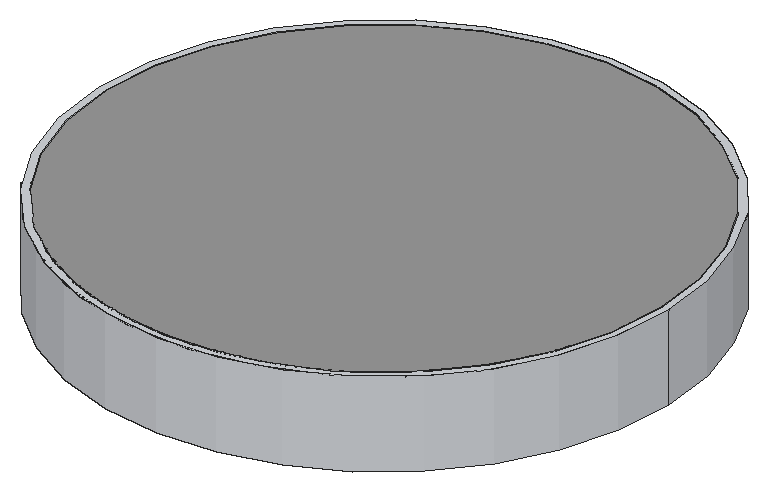
Revit family "2071336", category Lighting Fixtures, host Face, Revit 2018
Family settings
  Host = Face
  Round Connector Dimension = Use Diameter
  Part Type = Normal
  OmniClass Number = 23.80.70.00
  OmniClass Title = Lighting
  Cut with Voids When Loaded = No
  Light Source = Yes
  Shared = No
  Room Calculation Point = No
Parameters (values of type "2071336 COLOSSAL 400 HO 840 OP DIR+H WHT DALI EM")
  iner diameter = 390 mm
  Weight = "n/a"
  Wattage Comments = ""
  Wattage = 30 W
  WarrantyStartDate [instance] = "n/a"
  WarrantyGuarantorParts = "n/a"
  WarrantyDurationUnit = "n/a"
  WarrantyDurationParts = ""
  WarrantyDescription = "http://www.sylvania-lighting.com"
  built-in parameter 1150110 = 1 (stored number, unit not read)
  Voltage = 230 V
  URL = "0.95"
  TypeName = "COLOSSAL 400mm HO 840 OPAL DIR+HAL WHITE DALI EM"
  Type Image = <None>
  Type Comments = "n/a"
  built-in parameter 1114217 = 1 (stored number, unit not read)
  Tilt Angle = -90.00°
  built-in parameter 1150109 = 1 (stored number, unit not read)
  built-in parameter 1150134 = (empty or 0)
  built-in parameter 1150113 = 1 (stored number, unit not read)
  SerialNumber [instance] = "n/a"
  Photometric Web File = "2071336.ies"
  Material_3_SYL = LED-Sylvania
  PowerFactor = 0
  PowerConsumption = "Lighting"
  NominalLength = 400 mm
  NominalHeight = 93 mm
  NominalDepth = 400 mm
  Name = "COLOSSAL 400mm HO 840 OPAL DIR+HAL WHITE DALI EM"
  ModelReference = Name  # "COLOSSAL 400mm HO 840 OPAL DIR+HAL WHITE DALI EM"
  ModelNumber = "2071336"
  Model = Name  # "COLOSSAL 400mm HO 840 OPAL DIR+HAL WHITE DALI EM"
  Material = "Feilo Sylvania"
  ManufacturerName = "130 lm/W"
  Manufacturer = ""
  LuminousEfficacy = ""
  built-in parameter 1150105 = 270.44 (stored number, unit not read)
  Lumens = 3398.4 lm
  LuminaireType = "0"
  built-in parameter 1150115 = 1 (stored number, unit not read)
  LightOutputRatio = "LED"
  built-in parameter 1150137 = (empty or 0)
  built-in parameter 1150139 = (empty or 0)
  LampsType = Lamp  # "n/a"
  LampNominalLuminous = "4000 K"
  LampMacAdamStep = "80"
  LampColourTemperature = "LED"
  LampColourRenderingIndex = "16500"
  built-in parameter 1150112 = 1 (stored number, unit not read)
  built-in parameter 1150114 = 1 (stored number, unit not read)
  Lamp = "n/a"
  Keynote = "n/a"
  InstallationDate [instance] = "n/a"
  InputVoltage = "0"
  InputNominalFrequency = "4000"
  built-in parameter 1150132 = (empty or 0)
  built-in parameter 1150102 = (empty or 0)
  built-in parameter 1150107 = 3000 (stored number, unit not read)
  built-in parameter 1150138 = (empty or 0)
  IngressProtection = "IfcLightFixtureType"
  ImpactProtectionIndex = "IfcLightFixtureType"
  built-in parameter 1150106 = 2.7044 (stored number, unit not read)
  IfcExportType = "IfcLightFixtureType"
  IfcExportAs = "Class I"
  Emit from Circle Diameter = 385 mm
  Emit Shape Visible in Rendering = no
  ElectricShockClassification = "130"
  built-in parameter 1150104 = 10.524 (stored number, unit not read)
  DocumentationLiterature = "http://www.sylvania-lighting.com/product/en-int/products/2071336"
  DimmingControlOptions = "n/a"
  Material_2_SYL = Polycarbonate_Sylvania_White
  Dimming Lamp Color Temperature Shift = <None>
  Description = "400mm diameter circular architectural luminaire, can be surface mounted or suspended. Powder coated aluminium housing (RAL9016) with polycarbonate opal diffuser. Direct/indirect (halo) light distribution, 3560lm luminuous flux, 27.3W system power, 130lm/W luminiaire efficacy. DALI dimmable. 3 hours integrated emergency. Colour rendering index Ra >80, 4000K Neutral White LED, chromaticity tolerance of 3-step MacAdam ellipse. IP40, IK03. 600mA drive current. Electrical protection Class1, 220-240V. Reported lifetime 66k hours L90B10."
  Default Elevation = 1219.2 mm
  CreatedOn = "22/03/2022"
  CreatedBy = "@sylvania-lighting.com"
  Cost = 0
  Color Filter = 16777215
  built-in parameter 1114216 [instance] = (empty or 0)
  ClassificationValue = "EF_70_80"
  ClassificationName = "Uniclass2015"
  Material_1_SYL = Polycarbonate_Sylvania_Opal
  BarCode [instance] = "n/a"
  built-in parameter 1114218 = 1 (stored number, unit not read)
  built-in parameter 1150133 = 10 (stored number, unit not read)
  AssetType = "Fixed"
  AssetIdentifier [instance] = "n/a"
  Assembly Code = "D5020200"
  Apparent Load = 27.3 VA
  Material_4_SYL = none
Reference planes
  plane 1 "Center (Front/Back)": y = 0
  plane 2: z = 0
  plane 3 "Center (Left/Right)": x = 0
  plane 4: x = -200
  plane 5: x = 200
  plane 6: y = 200
  plane 7: y = -200
  plane 8: y = 236
  plane 9: y = -236
  plane 10: z = 93
  plane 11: y = 195
  plane 12: y = -195
  plane 13: y = 90.5
  plane 14: y = 144.5
  plane 15: through (52.25, 90.5, 1219.2) normal (0.866, 0.5, 0)
  plane 16: through (52.25, 90.5, 1219.2) normal (0.866, 0.5, 0)
  plane 17: through (63.706, 126.657, 1219.2) normal (0.866, 0.5, 0)
  plane 18: through (-104.5, 0, 1219.2) normal (-0.866, 0.5, 0)
  plane 19: through (-142.394, -9.633, 1219.2) normal (-0.866, 0.5, 0)
  plane 20: y = -90.5
  plane 21: y = -118.5
  plane 22: through (85.371, -141.133, 1219.2) normal (-0.866, 0.5, 0)
  plane 23: through (52.25, -90.5, 1219.2) normal (-0.866, 0.5, 0)
  plane 24: through (-161.658, 0, 1219.2) normal (0.866, 0.5, 0)
  plane 25: through (-172.12, 9.121, 1219.2) normal (0.866, 0.5, 0)
  plane 26: through (-104.5, 0, 1219.2) normal (0.866, 0.5, 0)
Forms (mm)
  Extrusion 1, solid, detail levels medium+fine
    sketch origin (0, 0, 0) x (1, 0, 0) y (0, 1, 0)
      loop
        circle (0, 0) r 200
    from 33.023 to 93
  Extrusion 2, void
    sketch origin (0, 0, 0) x (1, 0, 0) y (0, 1, 0)
      loop
        circle (0, 0) r 195
    from 93 to 37.292
  Extrusion 3, solid, material "Glass, White, High Luminance", detail levels fine
    sketch origin (0, 0, 0) x (1, 0, 0) y (0, 1, 0)
      loop
        circle (0, 0) r 195
    from 88.026 to 93
  Extrusion 4, solid, detail levels coarse
    sketch origin (0, 0, 0) x (1, 0, 0) y (0, 1, 0)
      loop
        line (-200, 200) -> (-200, -200) -> (200, -200) -> (200, 200) -> (-200, 200)
    from 0 to 93
  Blend 5, solid, detail levels medium+fine
    base sketch origin (0, 0, 0) x (1, 0, 0) y (0, 1, 0)
      loop
        line (-52.25, 90.5) -> (-104.5, 0) -> (-52.25, -90.5) -> (52.25, -90.5) -> (104.5, 0) -> (52.25, 90.5) -> (-52.25, 90.5)
    top sketch origin (0, 0, 0) x (1, 0, 0) y (0, 1, 0)
      loop
        line (-53.405, 144.5) -> (-149.245, -21.5) -> (-93.242, -118.5) -> (98.438, -118.5) -> (151.843, -26) -> (53.405, 144.5) -> (-53.405, 144.5)
    from 0 to 33.023
Cuts and joins
  Extrusion 2 cuts Extrusion 1
Dimensions and locks
  "NominalDepth": plane 6 to plane 7
  "NominalLength": plane 4 to plane 5
  equal spacing: plane 4, plane 3 "Center (Left/Right)", plane 5
  "iner diameter": plane 11 to plane 12
  equal spacing: plane 11, plane 1 "Center (Front/Back)", plane 12
  equal spacing: plane 6, plane 1 "Center (Front/Back)", plane 7
  "NominalHeight": plane 10 to level
  plane 19 to plane 18 = 28 mm
  radius of Extrusion 2 sketch curve = 195 mm
  aligned and locked: plane 2 to host face
  aligned and locked: level to host face
Automatic sketch dimensions
  host sketch curve to host sketch curve = 2438.4 mm  (x2)
  plane 1 "Center (Front/Back)" to Extrusion 1 sketch curve = 0 mm
  Extrusion 1 sketch curve to plane 3 "Center (Left/Right)" = 0 mm
  plane 1 "Center (Front/Back)" to Extrusion 2 sketch curve = 0 mm
  Extrusion 2 sketch curve to plane 3 "Center (Left/Right)" = 0 mm
  plane 1 "Center (Front/Back)" to Extrusion 3 sketch curve = 0 mm
  Extrusion 3 sketch curve to plane 3 "Center (Left/Right)" = 0 mm
  Extrusion 4 sketch curve to plane 4 = 0 mm
  Extrusion 4 sketch curve to plane 5 = 0 mm
  Extrusion 4 sketch curve to plane 7 = 0 mm
  Extrusion 4 sketch curve to plane 6 = 0 mm
  Blend 5 sketch curve to plane 19 = 0 mm  (x2)
  Blend 5 sketch curve to plane 24 = 0 mm  (x2)
  Blend 5 sketch curve to plane 21 = 0 mm
  Blend 5 sketch curve to plane 14 = 0 mm
  Blend 5 sketch curve to plane 17 = 0 mm  (x2)
  Blend 5 sketch curve to plane 22 = 0 mm  (x2)
  radius of Extrusion 1 sketch curve = 200 mm
  radius of Extrusion 3 sketch curve = 195 mm
Connectors
  electrical at (0, 0, 0), driven by "Apparent Load", driven by "PowerFactor", driven by "Voltage"
    settings: index 1, voltage 230 V, apparent load 27.3 VA, apparent load phase1 0 VA, apparent load phase2 0 VA, apparent load phase3 0 VA, power factor 0, load classification "Lighting", number of poles 1, system type 30, power factor state 1, is connector primary yes, connector utility no, sub classification motor no, connector description ""
